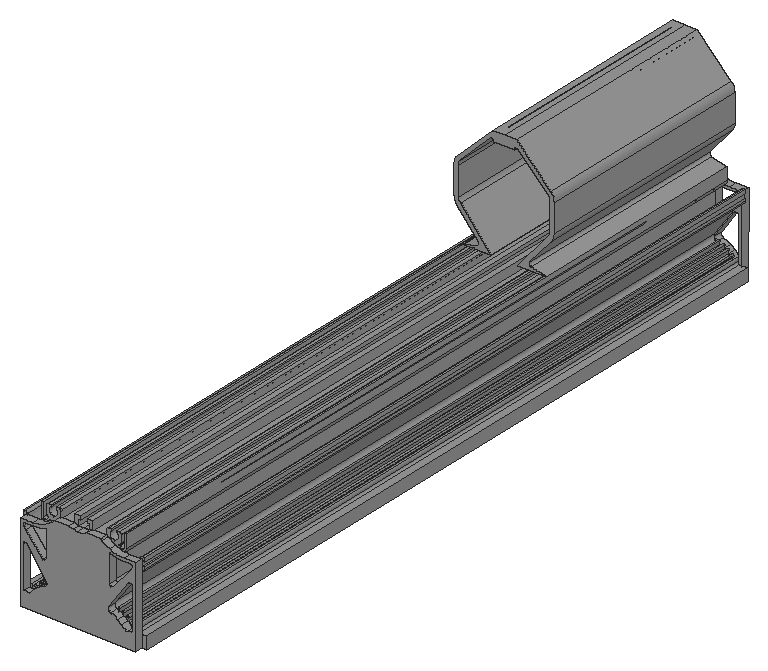
Revit family "L-street 24 Standart", category Осветительные приборы, Revit 2017 (continued)
Parameters (values of type "L-street 24 Standart 5.0K Ш3")
    \n328.9 328.8 328 326.8 325.6 323.9 321.9 319.6 317 314.2 311.4 308.7 305.8 302.6 299 294.5 289.6 284.3 279.2 274.1 269.9 266.3 263.1 259.5 255.2 249.8 244 237.6 230.5 222.2 213.2 202.5 190.1 174.5 155.5 132.5 109.6 90.7 78 69.1 62.8 57 50.9 46.2 43.3 41.5 40.3 39.3 38.3 37.1 36 34.8 33.6 31.9 30.3 28.9 27.7 26.6 25.9 25.5 25.4 25.6 25.5 25.2 24.9 24.4 23.8 22.8 21.6 20.2 18.7 17.4 16.1 15 14.1 13.3 12.3 11.2 10.2 9 8 6.9 6 5.1 3.8 3 2.5 2.2 2.1 1.9 1.9\r\n328.9 328.9 328.2 327.1 325.7 324 322.1 319.8 317.3 314.4 311.6 308.9 305.9 302.7 299 294.5 289.5 284.1 278.8 273.5 269 265.2 261.9 258.1 253.6 248.1 242.1 235.5 228.2 219.8 210.5 199.7 186.9 170.9 151.6 128.7 106.5 88.7 77 68.5 62.4 56.6 50.7 46.1 43.2 41.6 40.4 39.5 38.4 37.3 36.1 35 33.7 32 30.4 29 27.9 27 26.4 26.2 26.3 26.2 25.7 25.3 24.9 24.5 23.9 23 21.7 20.3 18.8 17.4 16.1 15.1 14.2 13.3 12.2 11.2 10.1 8.9 7.8 6.6 5.5 4.6 3.7 3 2.6 2.2 2.1 1.9 1.9\r\n328.9 328.9 328.4 327.3 325.8 324.1 322.3 320 317.5 314.7 311.9 309.1 306.1 302.8 299 294.4 289.4 283.8 278.3 272.9 268.2 264.1 260.6 256.7 252 246.4 240.3 233.4 226 217.4 207.9 196.8 183.7 167.4 147.8 124.9 103.3 86.7 75.9 67.9 62 56.3 50.4 46 43.1 41.6 40.5 39.7 38.5 37.5 36.3 35.3 33.8 32.1 30.5 29.2 28.1 27.3 26.9 27 27.1 26.8 26 25.4 25 24.6 24 23.1 21.9 20.4 18.9 17.3 16.1 15.2 14.2 13.2 12.2 11.1 9.9 8.8 7.7 6.3 5 4.1 3.5 3 2.6 2.3 2.1 1.9 1.9\r\n328.9 328.8 328 326.9 325.4 323.7 321.8 319.4 316.9 314 311.2 308.4 305.4 302 298.2 293.5 288.4 282.7 277.2 271.7 267 263.1 259.6 255.6 250.7 244.9 238.7 231.9 224.4 215.9 206.4 195.2 181.8 165.1 144.9 121.7 100.3 84.5 74.4 66.8 61 55.1 49.4 45.3 42.7 41.4 40.3 39.4 38.3 37.2 36.1 35 33.4 31.6 30.1 28.9 27.8 27.2 27 27.1 27.1 26.6 25.8 25.2 24.9 24.6 23.9 23 21.8 20.3 18.7 17.2 15.9 14.9 14 13.1 12 11 9.7 8.5 7.3 6.1 4.7 4 3.4 2.9 2.5 2.2 2.1 2 1.9\r\n328.9 328.5 327.5 326.2 324.6 322.9 320.9 318.6 316 313 310.4 307.9 305.3 302.1 298.2 293.2 287.9 282 276.4 270.7 265.6 261.1 257.3 253.3 249.2 244.1 238.7 232.6 225.9 218.2 209.8 200.4 190.6 178.9 165.2 148.6 130 110.3 93 79.2 69.6 62.4 56.1 49.4 44.1 41.6 40.4 39.7 39 38.2 37.2 36.2 35.2 33.6 31.9 30.4 29.1 28.1 27.3 27 26.9 26.7 26.1 25.2 24.6 24.3 24 23.3 22.2 20.7 19.3 17.8 16.4 15 13.8 13 12.1 11.1 10.2 9.1 8 6.9 5.8 4.8 4.2 3.6 3.2 3 2.7 2.6 2.5\r\n328.9 328.4 327.3 326 324.3 322.5 320.5 318.1 315.4 312.5 309.9 307.4 304.6 301.3 297.2 292.3 287 281.2 275.6 270.1 265.1 260.7 256.8 252.8 248.4 243.2 237.7 231.4 224.4 216.4 207.8 198.1 187.8 175.4 161 143.6 124.8 105.8 89.4 76.7 67.7 60.5 54.2 47.9 43.5 41.4 40.3 39.7 39 38.1 37.2 36.1 35 33.4 31.7 30.3 29.1 28.1 27.4 27.1 27 26.7 26.1 25.3 24.8 24.4 23.9 23.2 22 20.5 19.1 17.7 16.3 14.9 13.9 13 12.1 11.1 10.1 9.1 8 6.9 5.8 4.9 4.3 3.7 3.3 3 2.8 2.6 2.5\r\n328.9 328.2 327.1 325.7 324 322.1 320 317.5 314.8 311.9 309.4 306.9 304 300.5 296.3 291.4 286.2 280.3 274.8 269.4 264.6 260.3 256.3 252.3 247.6 242.3 236.6 230.1 222.9 214.6 205.8 195.8 185 171.9 156.7 138.7 119.7 101.2 85.8 74.2 65.7 58.6 52.2 46.5 43 41.2 40.3 39.7 38.9 38 37.1 36 34.8 33.2 31.5 30.3 29.1 28.2 27.5 27.2 27 26.8 26.1 25.4 24.9 24.5 23.9 23 21.8 20.3 18.9 17.5 16.2 14.9 14 13 12.1 11.1 10.1 9.1 8.1 7 5.8 4.9 4.3 3.7 3.3 3 2.8 2.7 2.5\r\n328.9 328.3 327.3 325.8 324.2 322.3 320.3 317.9 315.2 312.4 309.7 307.2 304.5 301.2 297.2 292.4 287.2 281.6 276.1 270.8 266 261.5 257.7 253.7 249.3 244.2 238.6 232.2 225.2 217.1 208.5 199 188.7 176.4 162.1 145.1 126.5 107.5 90.8 77.6 68.4 61 54.5 48.3 44.1 41.7 40.5 39.7 39 38.2 37.2 36.1 35 33.6 32 30.6 29.3 28.3 27.4 26.9 26.7 26.4 26 25.4 24.9 24.6 24 23.3 22.1 20.7 19.2 17.7 16.4 15 14 13.1 12.2 11.2 10.2 9.2 8.2 7.2 6.2 5.3 4.7 3.9 3.3 2.9 2.7 2.5 2.4\r\n328.9 328.4 327.4 326 324.3 322.5 320.5 318.3 315.6 312.8 310 307.5 304.9 301.9 298 293.4 288.2 282.8 277.4 272.1 267.3 262.8 259.1 255.2 251.1 246.1 240.6 234.4 227.5 219.7 211.3 202.1 192.3 180.9 167.5 151.5 133.3 113.8 95.7 81 71.2 63.5 56.7 50.1 45.2 42.2 40.7 39.8 39.1 38.3 37.2 36.3 35.2 34 32.4 30.9 29.6 28.5 27.4 26.6 26.3 26.1 25.9 25.5 25 24.7 24.2 23.5 22.4 21 19.5 17.9 16.6 15.2 14.1 13.2 12.3 11.3 10.3 9.3 8.4 7.5 6.5 5.8 5 4.1 3.4 2.9 2.6 2.4 2.4\r\n328.9 328.5 327.5 326 324.4 322.6 320.7 318.6 316 313.3 310.5 308 305.6 302.7 299.2 294.9 290.1 285 279.8 274.6 269.8 265.3 261.5 257.8 253.8 249 243.7 237.7 231.2 223.7 215.6 206.5 196.9 185.9 173.2 157.7 140 120.3 101.3 85.2 74 65.7 58.7 51.9 46.6 43.1 41.1 39.9 39.1 38.3 37.2 36.2 35.1 33.9 32.4 31 29.5 28.3 27.2 26.3 25.7 25.4 25.1 24.8 24.6 24.4 24 23.2 22.1 20.8 19.3 17.9 16.5 15.2 13.9 12.9 11.9 11 10.1 9.3 8.6 7.8 6.7 5.8 5 4.1 3.3 2.9 2.6 2.5 2.4\r\n328.9 328.5 327.5 326.1 324.4 322.8 320.9 318.8 316.4 313.8 311 308.5 306.2 303.6 300.5 296.5 292.1 287.1 282.2 277.1 272.3 267.8 264 260.3 256.5 251.9 246.8 241.1 234.9 227.7 219.8 210.9 201.5 191 178.9 164 146.7 126.9 106.9 89.3 76.8 67.9 60.6 53.7 48 43.9 41.5 40 39.1 38.3 37.3 36.1 34.9 33.8 32.4 31.1 29.5 28.1 26.9 26 25 24.6 24.4 24.2 24.2 24.1 23.8 22.9 21.8 20.5 19.2 17.9 16.5 15.3 13.7 12.6 11.5 10.6 9.8 9.3 8.9 8.1 6.8 5.9 4.9 4.1 3.3 2.9 2.7 2.5 2.5\r\n328.9 328.4 327.3 326 324.3 322.6 320.8 318.7 316.4 313.8 311.2 308.8 306.7 304.2 301.3 297.6 293.4 288.7 283.9 279 274.4 270.1 266.3 262.8 259.2 254.8 249.9 244.4 238.4 231.5 223.8 215.2 206.2 196 184.4 170.1 153.6 134.3 114.3 95.5 81.4 71.2 63.5 56.4 50.4 45.7 42.6 40.7 39.6 38.6 37.6 36.3 35.1 33.8 32.4 31.1 29.6 28.3 27.1 26 25 24.3 23.8 23.4 23.2 22.9 22.6 22 21.2 20 18.8 17.4 16.1 15.1 14 13.1 12.3 11.5 10.5 9.7 8.9 8.1 6.9 5.8 4.6 3.9 3.2 2.9 2.8 2.6 2.5\r\n328.9 328.3 327.1 325.8 324.1 322.5 320.7 318.6 316.4 313.8 311.4 309.2 307.1 304.9 302.1 298.7 294.7 290.2 285.7 281 276.6 272.4 268.7 265.3 261.9 257.7 253.1 247.7 242 235.3 227.9 219.6 210.8 201 189.9 176.3 160.5 141.7 121.6 101.8 85.9 74.6 66.3 59.1 52.7 47.5 43.8 41.4 40 38.9 37.9 36.5 35.2 33.8 32.4 31 29.7 28.6 27.2 26.1 24.9 24 23.3 22.6 22.1 21.8 21.4 21.2 20.5 19.5 18.3 16.9 15.7 14.9 14.2 13.6 13.1 12.3 11.2 10 8.9 8.1 7 5.7 4.3 3.7 3.2 3 2.9 2.6 2.6\r\n328.9 328.3 327.2 325.9 324.3 322.7 320.9 319 316.9 314.4 312.1 310 308.1 306.1 303.7 300.8 297.1 292.9 288.6 284.1 279.9 275.8 272.2 268.8 265.6 261.8 257.7 252.8 247.5 241.3 234.6 226.9 218.6 209.2 199 186.4 171.7 154 134.3 113.6 95.5 81.3 71.5 63.4 56.6 50.7 46.2 43.1 41.1 39.6 38.4 36.9 35.4 33.9 32.5 31.1 29.7 28.5 27.4 26.2 25.1 24 23.2 22.3 21.7 21.2 20.8 20.3 19.7 18.9 17.9 16.7 15.8 15.2 14.7 14.4 13.9 13.3 12.3 11.3 10.2 8.7 6.7 5.4 4.3 3.7 3.2 3 2.9 2.7 2.7\r\n328.9 328.4 327.3 326 324.4 322.9 321.1 319.4 317.4 315 312.8 310.8 309.1 307.4 305.4 302.8 299.5 295.5 291.5 287.2 283.3 279.3 275.7 272.3 269.3 266 262.3 257.9 253 247.4 241.2 234.1 226.3 217.5 208 196.5 182.9 166.3 147.1 125.4 105 88.1 76.6 67.8 60.4 53.9 48.7 44.8 42.1 40.3 38.9 37.2 35.6 34.1 32.7 31.2 29.7 28.5 27.5 26.4 25.3 24.1 23.1 22 21.2 20.6 20.1 19.5 18.9 18.2 17.4 16.6 15.9 15.5 15.3 15.1 14.8 14.2 13.5 12.6 11.4 9.4 6.5 5.1 4.3 3.7 3.2 3.1 3 2.8 2.8\r\n328.9 328.3 327.3 326.1 324.5 323.1 321.5 319.9 318 315.9 313.8 311.8 310.2 308.7 307.1 304.9 302 298.5 294.9 291.1 287.4 283.8 280.3 277.1 274.1 271 267.8 263.9 259.6 254.7 249.2 243.1 236.3 228.6 220.2 209.9 197.9 183.1 166 145.9 125.1 104.9 88.8 76.6 67.5 59.9 53.7 48.7 45.1 42.3 40.2 38.2 36.2 34.5 33 31.5 30.1 28.7 27.5 26.3 25.2 24.1 23 21.9 21.1 20.5 20 19.5 18.9 18.2 17.3 16.6 16 15.7 15.4 15.1 14.9 14.4 13.5 12.1 10 8 6.1 4.8 4.1 3.6 3.2 3.1 2.9 2.8 2.7\r\n328.9 328.2 327.4 326.1 324.6 323.3 321.8 320.3 318.6 316.8 314.8 312.8 311.3 310.1 308.8 306.9 304.5 301.5 298.2 294.9 291.5 288.2 285 281.8 278.9 276.1 273.3 270 266.3 261.9 257.2 252 246.3 239.7 232.4 223.4 212.9 199.9 184.8 166.5 145.2 121.8 101 85.3 74.6 66 58.7 52.7 48 44.3 41.6 39.1 36.8 34.9 33.4 31.8 30.4 28.9 27.5 26.3 25.1 24.1 22.8 21.8 20.9 20.4 19.9 19.4 18.9 18.1 17.3 16.7 16.2 15.8 15.4 15.2 15 14.6 13.6 11.7 8.6 6.6 5.6 4.6 3.8 3.4 3.2 3 2.9 2.7 2.6\r\n328.9 328.3 327.4 326.2 324.8 323.4 322 320.6 319 317.4 315.6 313.9 312.5 311.5 310.4 308.9 306.9 304.4 301.6 298.6 295.6 292.6 289.8 286.9 284.2 281.5 279 276.2 273.3 269.9 266.1 262 257.3 251.7 245.1 237 227.8 216.7 204.1 188.6 170.2 148.3 126.2 105.7 89.6 77.4 68.1 60.4 54.4 49.5 45.8 42.4 39.3 36.7 34.7 32.8 31.2 29.8 28.4 27 25.7 24.5 23.2 22.1 21.1 20.5 19.9 19.4 18.9 18.2 17.5 16.7 16 15.5 15 14.6 14.2 13.4 11.8 9.7 7.6 6.3 5.3 4.5 3.8 3.6 3.4 3.2 3 3 2.8\r\n328.9 328.3 327.4 326.2 324.9 323.6 322.2 320.9 319.5 318 316.4 315 313.8 312.9 312.1 310.8 309.3 307.3 304.9 302.3 299.6 297 294.5 292 289.5 287 284.7 282.4 280.3 277.8 275.1 271.9 268.3 263.8 257.9 250.7 242.6 233.5 223.3 210.6 195.1 174.9 151.4 126.1 104.5 88.7 77.6 68.2 60.9 54.7 49.9 45.6 41.7 38.6 36 33.8 32 30.6 29.3 27.7 26.2 24.8 23.6 22.4 21.3 20.5 19.8 19.4 18.9 18.4 17.7 16.7 15.8 15.2 14.6 14 13.3 12.2 9.9 7.6 6.6 5.9 5 4.3 3.8 3.7 3.5 3.3 3.2 3.2 3\r\n328.9 328.3 327.4 326.3 325 323.7 322.5 321.2 320 318.6 317.3 316.1 315 314.2 313.4 312.5 311.4 309.9 307.9 305.7 303.4 301 298.8 296.6 294.4 292.1 289.9 288.1 286.4 284.6 282.4 279.7 276.6 272.6 267.4 261 253.8 245.6 236.3 224.9 211.2 193.4 172.2 147.7 123.9 103.1 87.6 76 67.4 60.2 54.5 49.3 44.7 41 37.8 35.2 33 31.4 30 28.5 27.2 25.8 24.4 23.1 21.8 20.9 20.1 19.4 18.7 18.1 17.5 16.5 15.5 14.7 13.9 13.1 11.9 10.4 8.7 7.1 6.1 5.4 4.6 4.1 3.7 3.6 3.4 3.2 3.2 3.1 3\r\n328.9 328.3 327.3 326.3 325 323.9 322.8 321.6 320.6 319.3 318.3 317.2 316.3 315.4 314.8 314.2 313.5 312.4 310.9 309.1 307.1 305 303.1 301.2 299.3 297.1 295.2 293.7 292.5 291.3 289.7 287.5 284.9 281.3 276.8 271.4 265 257.6 249.3 239.1 227.3 211.9 193 169.4 143.3 117.6 97.7 83.8 73.9 65.8 59 53 47.7 43.4 39.6 36.7 34.1 32.2 30.6 29.4 28.2 26.8 25.2 23.7 22.3 21.3 20.3 19.4 18.5 17.8 17.3 16.4 15.2 14.2 13.3 12.2 10.5 8.6 7.4 6.5 5.7 4.9 4.2 3.8 3.5 3.4 3.3 3.1 3.1 3 2.9\r\n328.9 328.3 327.4 326.4 325.2 324.1 323.1 322.1 321.2 320.1 319.3 318.4 317.7 317 316.6 316.2 315.9 315.2 314.4 313 311.5 309.9 308.3 306.8 305.2 303.5 302.1 300.8 299.7 298.6 297.2 295.3 292.9 289.7 285.7 281.1 276 270 263.3 255 245.6 233.5 218.8 200 177.9 153.4 130.2 109.4 92.8 80.1 70.9 63 56.2 50.5 45.6 41.7 38.3 35.6 33.4 31.6 29.9 28.4 26.9 25.3 23.8 22.3 21 19.8 18.6 17.6 16.7 15.6 14.5 13.5 12.3 10.9 9.4 8.1 7 6.3 5.4 4.7 4.1 3.8 3.5 3.4 3.3 3.2 3.1 3 2.8\r\n328.9 328.3 327.4 326.4 325.4 324.3 323.4 322.5 321.8 320.9 320.3 319.7 319.1 318.5 318.3 318.2 318.2 318.1 317.8 317 315.9 314.8 313.6 312.3 311.2 309.9 308.9 307.9 306.9 305.9 304.7 303.1 301 298.1 294.6 290.8 286.9 282.5 277.3 270.8 263.9 255.2 244.7 230.6 212.5 189.1 162.7 134.9 111.7 94.5 82.7 73 64.7 57.6 51.6 46.8 42.5 39.1 36.2 33.7 31.7 30.1 28.6 26.9 25.2 23.3 21.7 20.2 18.8 17.3 16.1 14.8 13.8 12.7 11.4 9.7 8.2 7.5 6.7 6 5.1 4.5 4 3.7 3.5 3.4 3.3 3.2 3 2.9 2.7\r\n328.9 328.3 327.5 326.5 325.6 324.6 323.8 323 322.4 321.8 321.3 320.8 320.5 320.2 320.1 320.1 320.3 320.4 320.5 320.3 319.8 319.2 318.4 317.6 316.8 316 315.3 314.6 313.6 312.5 311.3 309.7 308.1 306.1 303.8 301.2 298.2 294.8 290.9 286.1 280.7 273.9 265.8 255.1 241.4 223 201.1 175.6 150.5 127.1 107.9 92.1 79.9 70.7 62.9 56.5 51 46.3 42.3 38.9 35.9 33.5 31.4 29.3 27.4 25.4 23.4 21.5 19.6 17.9 16.4 14.9 13.5 12.2 10.7 9.2 8 7.3 6.5 5.8 5 4.4 4 3.7 3.5 3.4 3.2 3.1 3.1 2.9 2.7\r\n328.9 328.3 327.5 326.5 325.7 324.8 324.2 323.4 323 322.6 322.2 322 322 321.8 321.8 322 322.3 322.8 323.3 323.7 323.7 323.6 323.3 322.8 322.4 322 321.7 321.3 320.4 319.2 317.8 316.4 315.1 314.1 313 311.5 309.4 307.1 304.5 301.5 297.5 292.5 286.9 279.6 270.3 256.9 239.5 216.4 189.4 159.8 133 111.1 95.1 83.7 74.1 66.2 59.4 53.5 48.3 44 40.1 36.9 34.1 31.7 29.6 27.5 25.2 22.8 20.5 18.5 16.7 15 13.2 11.6 10 8.6 7.8 7.1 6.3 5.6 4.9 4.3 4 3.7 3.5 3.4 3.2 3.1 3.1 2.9 2.8\r\n328.9 328.3 327.5 326.7 325.9 325.2 324.5 323.9 323.6 323.4 323.2 323.2 323.3 323.4 323.6 323.9 324.4 325 325.8 326.6 327.2 327.7 328.1 328.2 328.3 328.2 328.2 328 327.5 326.6 325.7 324.7 323.8 322.9 322.2 321.6 320.8 319.8 318.3 316.3 313.8 310.2 306.1 300.8 294 284.6 272.4 256 236.1 212.2 187.5 162.7 139.2 118.7 101.4 88.7 78.9 70.9 63.7 57.4 51.7 46.9 42.7 39.2 36.1 33.2 30.4 27.8 25.1 22.3 19.4 16.8 14.5 12.4 10.5 8.9 7.9 7.1 6.3 5.6 4.9 4.5 4.1 3.9 3.6 3.5 3.3 3.1 3.1 3 2.8\r\n328.9 328.3 327.6 326.8 326.1 325.5 324.8 324.4 324.2 324.1 324.1 324.3 324.6 325 325.3 325.8 326.4 327.3 328.4 329.6 330.7 331.8 332.9 333.7 334.2 334.4 334.6 334.6 334.5 334.1 333.6 333 332.4 331.8 331.3 331.6 332.2 332.4 332.1 331.2 330 327.9 325.3 322 317.7 312.2 305.2 295.6 282.7 264.7 242.1 214.3 183.2 153.7 128.6 111.1 98.4 88.2 79 70.7 63.4 57 51.4 46.8 42.7 38.9 35.6 32.7 29.8 26.2 22.1 18.6 15.7 13.2 11.1 9.2 7.9 7.2 6.3 5.5 5 4.6 4.2 4 3.8 3.6 3.4 3.2 3.1 3 2.8\r\n328.9 328.3 327.6 326.9 326.3 325.7 325.2 324.9 324.8 324.9 325 325.4 326 326.6 327.2 327.9 328.7 329.8 331 332.6 334.1 335.5 337 338.3 339.4 340.2 341 341.5 341.9 341.9 341.8 341.8 341.8 341.7 341.7 342.2 343 343.7 344.4 345.1 345.4 345 343.8 342.1 339.5 336.2 332 326 317.8 306.3 291.8 272.9 250.1 225.3 199.7 176 153.2 132.7 115.4 102.1 91 81.4 73 66.1 60 54.7 49.9 45.4 40.9 37.4 33.4 27.5 20.8 15.8 12.1 9.5 8.1 7.3 6.3 5.6 5.1 4.7 4.4 4.1 3.9 3.7 3.5 3.3 3.1 3 2.7\r\n328.9 328.2 327.6 327 326.5 326 325.6 325.4 325.5 325.6 325.9 326.5 327.4 328.1 329.1 330 331 332.3 333.7 335.5 337.4 339.2 341.1 342.9 344.6 346.1 347.5 348.4 349.2 349.6 349.9 350.6 351.2 351.6 352.1 352.8 353.7 354.9 356.8 359 360.9 362.1 362.4 362.1 361.3 360.3 358.8 356.4 352.9 348 341.5 331.6 316.9 296.9 270.9 241 207.9 177.1 151.8 133.4 118.6 105.9 94.6 85.5 77.4 70.4 64.2 58.1 52 48.5 44.8 36.4 26 18.3 13.2 9.7 8.3 7.3 6.4 5.7 5.3 4.9 4.6 4.3 4.1 3.8 3.5 3.3 3.2 3 2.7\r\n328.9 328.3 327.7 327.2 326.8 326.4 326.2 326.3 326.5 326.9 327.5 328.4 329.4 330.3 331.5 332.7 334.1 335.7 337.3 339.3 341.4 343.4 345.5 347.5 349.5 351.4 353.2 354.6 355.8 356.9 357.9 359.1 360.2 361.2 362.3 363.5 364.9 366.5 368.5 370.5 372.5 374.4 376.3 378.1 379.5 380.6 381.1 380.8 379.8 377.7 374.3 368.4 359.1 345.9 327.7 304.5 276.1 244.7 213.5 184.8 160.1 139.8 123.9 110.7 99.4 89.4 80.7 71.9 63.8 57.1 47.7 34.1 23.6 16.2 11.8 9.4 8.2 7.2 6.4 5.9 5.4 5.1 4.8 4.4 4.1 3.9 3.6 3.4 3.3 2.9 2.6\r\n328.9 328.4 327.8 327.4 327 326.9 326.9 327.2 327.6 328.2 329.1 330.2 331.3 332.5 334 335.4 337.2 339 341 343.1 345.3 347.6 349.9 352 354.4 356.8 359 360.8 362.5 364.2 365.9 367.5 369.2 370.8 372.5 374.2 376.1 378 380.1 382 384 386.7 390.2 394.1 397.7 400.9 403.4 405.2 406.6 407.4 407 405.2 401.4 394.8 384.5 368.1 344.3 312.2 275.1 236.1 201.6 173.7 153.2 135.9 121.4 108.5 97.3 85.7 75.7 65.8 50.7 31.8 21.2 14.2 10.5 9.1 8.1 7.1 6.5 6 5.6 5.2 4.9 4.5 4.2 4 3.7 3.5 3.3 2.8 2.6\r\n328.9 328.4 328 327.6 327.4 327.3 327.5 327.8 328.4 329.1 330.1 331.2 332.5 333.9 335.4 337.2 339.2 341.2 343.4 345.6 347.9 350.2 352.5 354.9 357.5 360.1 362.7 365 367.3 369.6 372.1 374.5 376.9 379.4 381.9 384.5 387.2 389.9 392.3 394.5 396.5 399.1 402.4 406.4 411 415.7 420.8 426.1 431.7 436.7 440.9 444 445.9 446.2 443.7 437 425.2 407 383.2 354.1 322 286.4 250 212.6 180.4 154.2 132.7 112.6 94.8 76.3 53.5 33.6 22.7 15 11.3 9.9 8.7 7.7 7.1 6.6 6.1 5.7 5.4 4.9 4.6 4.3 4.1 3.9 3.6 3 2.6\r\n328.9 328.5 328.1 327.8 327.8 327.7 328 328.4 329.1 330 331.1 332.3 333.7 335.2 336.9 338.9 341.2 343.5 345.8 348.1 350.4 352.8 355.2 357.7 360.5 363.5 366.3 369.1 372 375.1 378.2 381.4 384.6 387.9 391.4 394.8 398.4 401.7 404.6 406.9 409 411.5 414.6 418.7 424.3 430.5 438.2 447.1 456.7 466 474.8 482.9 490.5 497.5 502.8 506 506 501.8 491.4 472.1 442.3 399.1 346.7 289.2 239.4 199.9 168.1 139.5 114 86.9 56.3 35.4 24.2 15.9 12.1 10.6 9.4 8.3 7.7 7.1 6.6 6.2 5.8 5.3 4.9 4.6 4.4 4.2 3.8 3.1 2.7\r\n328.9 328.5 328.2 328 328 328.1 328.4 329 329.8 330.8 331.9 333.2 334.6 336.2 338.1 340.3 342.7 345.1 347.5 349.9 352.3 354.8 357.2 359.8 362.8 365.8 368.8 371.8 375.1 378.5 382.1 386 390 394.1 398.6 403.2 408.1 412.7 416.8 420.2 423.6 427.4 431.9 437.2 443.6 450.4 458.6 467.8 478.1 488.9 500.4 512.6 525.2 538.3 550.5 561.4 569.2 573.5 573 566 550.8 523.8 483.7 426.3 358.3 287.2 226 175.3 132.2 89.9 55.3 36.1 25 16.8 13 11.4 10.1 9.1 8.4 7.8 7.2 6.8 6.3 5.8 5.
